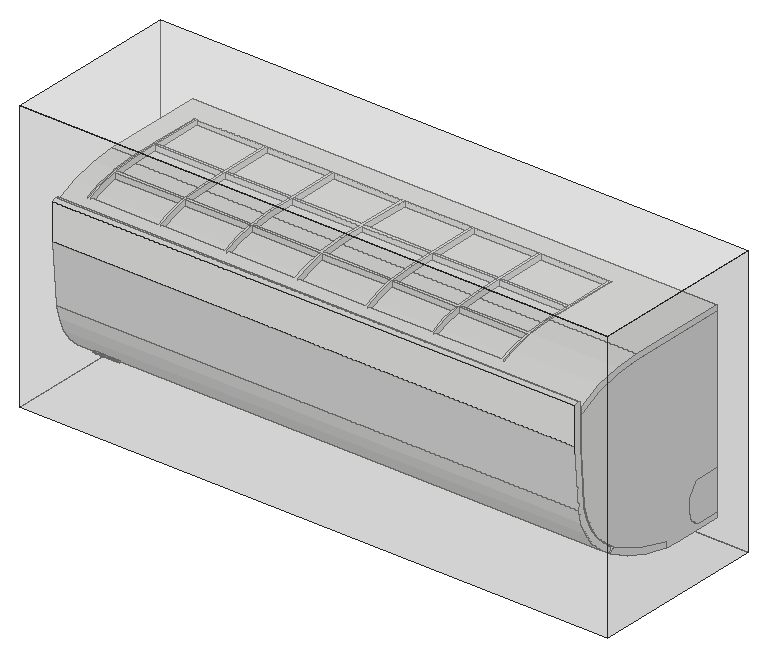
Revit family "outputfile", category 機械設備, Revit 2024
Family settings
  丸型コネクタ寸法 = 半径を使用
  パーツ タイプ = 標準
  OmniClass 番号 = 23.75.10.24.21.27.27
  OmniClass タイトル = Split System Air Conditioning Units
  作業面ベース = いいえ
  常に垂直 = はい
  ロード時にボイドで切り取り = いいえ
  注釈の向きを維持 = いいえ
  共有 = いいえ
  部屋計算ポイント = いいえ
Parameters (values of type "FXAQ20AVMS")
  Description = ""
  製造元 = "Daikin"
  書き出し IFC クラス(タイプ) = "IfcUnitaryEquipmentType"
  定義済み IFC タイプ(タイプ) = "AIRCONDITIONINGUNIT"
  Cost = 0
  モデル = "FXAQ20AVMS"
  Type Comments = ""
  Keynote = ""
  Type Image = (empty or 0)
  Assembly Code = ""
  w3_Indoor air flow = if(Width = 1050.0 mm, 109.0 mm, 1.0 mm)  # 1.0 mm
  w2_Indoor air flow = if(Width = 1050.0 mm, 103.0 mm, 98.0 mm)  # 98.0 mm
  w1_Indoor air flow = if(Width = 1050.0 mm, 108.0 mm, 103.0 mm)  # 103.0 mm
  r_Liquid Pipe Size = Liquid Pipe Size / 2  # 3.2 mm
  r_Gas Pipe Size = Gas Pipe Size / 2  # 6.35 mm
  r_Drain Pipe Size = Drain Pipe Size / 2  # 7.5 mm
  lw_powersupply [instance] = if(Width = 795.0 mm, if(or(Rear Right Connection_refrigerant, Bottom Right Connection_refrigerant), 83.0 mm, if(or(Rear Left Connection_refrigerant, Bottom Left Connection_refrigerant), 740.0 mm, 400.0 mm)), if(Width = 1050.0 mm, if(or(Rear Right Connection_refrigerant, Bottom Right Connection_refrigerant), 83.0 mm, if(or(Rear Left Connection_refrigerant, Bottom Left Connection_refrigerant), 712.0 mm + (1050.0 mm - 795.0 mm), 400.0 mm)), if(or(Rear Right Connection_refrigerant, Bottom Right Connection_refrigerant), 83.0 mm, if(or(Rear Left Connection_refrigerant, Bottom Left Connection_refrigerant), 712.0 mm, 400.0 mm))))  # 400.0 mm
  lw_liquidpipe [instance] = if(Width = 795.0 mm, if(or(Rear Right Connection_refrigerant, Bottom Right Connection_refrigerant), 0.0 mm, if(or(Rear Left Connection_refrigerant, Bottom Left Connection_refrigerant), 627.0 mm, 460.0 mm)), if(Width = 1050.0 mm, if(or(Rear Right Connection_refrigerant, Bottom Right Connection_refrigerant), 0.0 mm, if(or(Rear Left Connection_refrigerant, Bottom Left Connection_refrigerant), 627.0 mm + (1050.0 mm - 795.0 mm), 460.0 mm)), if(or(Rear Right Connection_refrigerant, Bottom Right Connection_refrigerant), 0.0 mm, if(or(Rear Left Connection_refrigerant, Bottom Left Connection_refrigerant), 627.0 mm, 460.0 mm))))  # 460.0 mm
  lw_gaspipe [instance] = if(Width = 795.0 mm, if(or(Rear Right Connection_refrigerant, Bottom Right Connection_refrigerant), 0.0 mm, if(or(Rear Left Connection_refrigerant, Bottom Left Connection_refrigerant), 620.0 mm, 415.0 mm)), if(Width = 1050.0 mm, if(or(Rear Right Connection_refrigerant, Bottom Right Connection_refrigerant), 0.0 mm, if(or(Rear Left Connection_refrigerant, Bottom Left Connection_refrigerant), 620.0 mm + (1050.0 mm - 795.0 mm), 415.0 mm)), if(or(Rear Right Connection_refrigerant, Bottom Right Connection_refrigerant), 0.0 mm, if(or(Rear Left Connection_refrigerant, Bottom Left Connection_refrigerant), 620.0 mm, 415.0 mm))))  # 415.0 mm
  lw_drainpipe [instance] = if(Width = 795.0 mm, if(or(Rear Right Connection_refrigerant, Bottom Right Connection_refrigerant), 0.0 mm, if(or(Rear Left Connection_refrigerant, Bottom Left Connection_refrigerant), 655.0 mm, 475.0 mm)), if(Width = 1050.0 mm, if(or(Rear Right Connection_refrigerant, Bottom Right Connection_refrigerant), 0.0 mm, if(or(Rear Left Connection_refrigerant, Bottom Left Connection_refrigerant), 655.0 mm + (1050.0 mm - 795.0 mm), 475.0 mm)), if(or(Rear Right Connection_refrigerant, Bottom Right Connection_refrigerant), 0.0 mm, if(or(Rear Left Connection_refrigerant, Bottom Left Connection_refrigerant), 655.0 mm, 475.0 mm))))  # 475.0 mm
  l_powersupply_length [instance] = if(Width = 795.0 mm, if(Right Connection_refrigerant, 400.0 mm, if(Left Connection_refrigerant, 395.0 mm, if(or(Rear Left Connection_refrigerant, Rear Right Connection_refrigerant), 15.0 mm, 50.0 mm))), if(Width = 1050.0 mm, if(Right Connection_refrigerant, 400.0 mm, if(Left Connection_refrigerant, 395.0 mm + (1050.0 mm - 795.0 mm), if(or(Rear Left Connection_refrigerant, Rear Right Connection_refrigerant), 15.0 mm, 50.0 mm))), if(Right Connection_refrigerant, 400.0 mm, if(Left Connection_refrigerant, 395.0 mm, if(or(Rear Left Connection_refrigerant, Rear Right Connection_refrigerant), 15.0 mm, 50.0 mm)))))  # 400.0 mm
  l_liquidpipe_length [instance] = if(Width = 795.0 mm, if(Right Connection_refrigerant, 558.0 mm, if(Left Connection_refrigerant, 237.0 mm, if(or(Rear Left Connection_refrigerant, Rear Right Connection_refrigerant), 30.0 mm, 40.0 mm))), if(Width = 1050.0 mm, if(Right Connection_refrigerant, 558.0 mm, if(Left Connection_refrigerant, 237.0 mm + (1050.0 mm - 795.0 mm), if(or(Rear Left Connection_refrigerant, Rear Right Connection_refrigerant), 30.0 mm, 40.0 mm))), if(Right Connection_refrigerant, 558.0 mm, if(Left Connection_refrigerant, 237.0 mm, if(or(Rear Left Connection_refrigerant, Rear Right Connection_refrigerant), 30.0 mm, 40.0 mm)))))  # 558.0 mm
  l_gaspipe_length [instance] = if(Width = 795.0 mm, if(Right Connection_refrigerant, 513.0 mm, if(Left Connection_refrigerant, 282.0 mm, if(or(Rear Left Connection_refrigerant, Rear Right Connection_refrigerant), 40.0 mm, 50.0 mm))), if(Width = 1050.0 mm, if(Right Connection_refrigerant, 513.0 mm, if(Left Connection_refrigerant, 282.0 mm + (1050.0 mm - 795.0 mm), if(or(Rear Left Connection_refrigerant, Rear Right Connection_refrigerant), 40.0 mm, 50.0 mm))), if(Right Connection_refrigerant, 513.0 mm, if(Left Connection_refrigerant, 282.0 mm, if(or(Rear Left Connection_refrigerant, Rear Right Connection_refrigerant), 40.0 mm, 50.0 mm)))))  # 513.0 mm
  l_drainpipe_length [instance] = if(Width = 795.0 mm, if(Right Connection_refrigerant, 573.0 mm, if(Left Connection_refrigerant, 222.0 mm, if(or(Rear Left Connection_refrigerant, Rear Right Connection_refrigerant), 15.0 mm, 20.0 mm))), if(Width = 1050.0 mm, if(Right Connection_refrigerant, 573.0 mm, if(Left Connection_refrigerant, 222.0 mm + (1050.0 mm - 795.0 mm), if(or(Rear Left Connection_refrigerant, Rear Right Connection_refrigerant), 15.0 mm, 20.0 mm))), if(Right Connection_refrigerant, 573.0 mm, if(Left Connection_refrigerant, 477.0 mm, if(or(Rear Left Connection_refrigerant, Rear Right Connection_refrigerant), 15.0 mm, 20.0 mm)))))  # 573.0 mm
  h*** = 0.0 mm  # constant formula
  d1_Indoor air flow = if(Width = 1050.0 mm, 38.0 mm, 35.0 mm)  # 35.0 mm
  angle_vertical [instance] = if(or(Bottom Left Connection_refrigerant, Bottom Right Connection_refrigerant), 0.00°, 90.00°)  # 90.00°
  angle_horizontal [instance] = if(Right Connection_refrigerant, 90.00°, if(Left Connection_refrigerant, -90.00°, if(or(Rear Left Connection_refrigerant, Rear Right Connection_refrigerant), 180.00°, 0.00°)))  # 90.00°
  Width = 795.0 mm
  Voltage_comment_50Hz = "220-240"
  Voltage_50Hz = 230 V
  Version = "ver.1.0"
  Unit Type = "Wall Mounted Type"
  Unit Mass Weight = 12.00 kg
  Unit Designation [instance] = ""
  Uniclass2015Version = "Products v1.30"
  Uniclass2015Title = "Variable refrigerant flow units"
  Uniclass2015Code = "Pr_70_65_03_94"
  URL = ""
  Total Heating Capacity [instance] = 0.000 kW
  Total Cooling Capacity [instance] = 0.000 kW
  Sound Pressure Level_M speed (dBA) = 0
  Sound Pressure Level_L speed (dBA) = 28.5
  Sound Pressure Level_H speed (dBA) = 33
  Sound Power Level_H speed (dB) = 0
  Series = "VRV Fan Coil Unit"
  Sensible Cooling Capacity [instance] = 0.000 kW
  Refrigerant Type = "R410A"
  Power Input (Heating) = 0.040 kW
  Power Input (Cooling) = 0.040 kW
  Phase_50Hz = 1
  Option Accessory 3 [instance] = ""
  Option Accessory 2 [instance] = ""
  Option Accessory 1 [instance] = ""
  Nominal Heating Capacity = 2.500 kW
  Nominal Cooling Capacity = 2.200 kW
  Minimum Circuit Amps_50Hz = 0.6 A
  Minimum Airflow = 420.00 m³/h
  Median Airflow = 0.00 m³/h
  Maximum Fuse Amps_50Hz = 15.0 A
  Maximum Airflow = 546.00 m³/h
  Material_Casing = DAIKIN_White_Casing_indoorunit
  Load Classification = HVAC
  Liquid Pipe Size = 6.4 mm
  Link_Nested Family [instance] = ""
  IfcVersion = "0"
  IfcExportType = "AIRCONDITIONINGUNIT"
  IfcExportAs = "IfcUnitaryEquipmentType"
  Height = 290.0 mm
  Heating Entering Wet Bulb Temperature [instance] = 0.00 °C
  Heating Entering Dry Bulb Temperature [instance] = 0.00 °C
  Heating Ambient Wet Bulb Temperature [instance] = 0.00 °C
  Heating Ambient Dry Bulb Temperature [instance] = 0.00 °C
  Heat Exchanger Type = "Cross Fin Coil"
  Gas Pipe Size = 12.7 mm
  Frequency_50Hz = 50 Hz
  Fan Type = "Cross Flow Fan"
  Fan Drive = "Direct Drive"
  FCU Tag No. [instance] = ""
  Drain Pipe Size = 15.0 mm
  Design Supply Airflow [instance] = 0.00 m³/h
  Depth = 266.0 mm
  既定の高さ = 0.0 mm
  Cooling Entering Wet Bulb Temperature [instance] = 0.00 °C
  Cooling Entering Dry Bulb Temperature [instance] = 0.00 °C
  Cooling Ambient Wet Bulb Temperature [instance] = 0.00 °C
  Cooling Ambient Dry Bulb Temperature [instance] = 0.00 °C
  Clearance visibility [instance] = yes
  Clearance Top = 90.0 mm
  Clearance Right = 50.0 mm
  Clearance Rear = 0.0 mm
  Clearance Left = 50.0 mm
  Clearance Front = 0.0 mm
  Clearance Bottom = 30.0 mm
  Bottom Right Connection_refrigerant [instance] = no
  Bottom Left Connection_refrigerant [instance] = no
  Rear Right Connection_refrigerant [instance] = no
  Rear Left Connection_refrigerant [instance] = no
  Right Connection_refrigerant [instance] = yes
  Left Connection_refrigerant [instance] = no
Reference planes
  plane 1 "Back": y = 0
  plane 2: z = 0
  plane 3 "Center (Left/Right)": x = 0
  plane 4 "Center (Front/Back)": y = -133
  plane 5 "Front": y = -266
  plane 6 "Left": x = -397.5
  plane 7 "Right": x = 397.5
  plane 8 "Top": z = 0
  plane 9 "Bottom": z = -290
  plane 10 "Front panel_Left": x = -395.5
  plane 11 "Front panel_Right": x = 395.5
  plane 12: x = 261.5
  plane 13: x = 256.5
  plane 14: x = -445.5
  plane 15: x = 445.5
  plane 16: y = 0
  plane 17: y = -266
  plane 18: z = 90
  plane 19: z = -320
  plane 20: y = -35
  plane 21: y = -111.5
  plane 22: y = -187.5
  plane 23: y = -237
  plane 24: y = -115
  plane 25: y = -191
  plane 26: x = -50
  plane 27: x = -52
  plane 28: x = -48
  plane 29: x = 55
  plane 30: x = -155
  plane 31: x = -158
  plane 32: x = 58
  plane 33: x = -256
  plane 34: x = 156
  plane 35: x = -259
  plane 36: x = 159
  plane 37: x = -362
  plane 38: x = 262
  plane 39: x = -365
  plane 40: x = 265
  plane 41: x = 266
  plane 42: x = -366
  plane 43 "lw_Piping and Wiring intake": x = 299.5
  plane 44 "lw_gaspipe": x = -115.5
  plane 45 "lw_liquidpipe": x = -160.5
  plane 46 "lw_drainpipe": x = -175.5
  plane 47 "lh_drainpipe": z = -270
  plane 48 "lh_liquidpipe": z = -250
  plane 49 "lh_gaspipe": z = -240
  plane 50 "ld_drainpipe": y = -15
  plane 51 "ld_liquidpipe": y = -30
  plane 52 "ld_gaspipe": y = -40
  plane 53 "lw_powersupply": x = -2.5
Forms (mm)
  Extrusion 1, solid, material "DAIKIN_White_Casing_indoorunit" <- "Material_Casing"
    sketch origin (0, 0, 0) x (0, 1, 0) y (0, 0, 1)
      loop
        line (0, 0) -> (-151.682, 0)
        arc (-151.682, 0) -> (-205.302, -6.828) -> (-255.5, -26.876) r 213.958
        line (-255.5, -26.876) -> (-255.5, -36.08)
        arc (-255.5, -36.08) -> (-205.456, -15.144) -> (-151.682, -8) r 205.958
        line (-151.682, -8) -> (0, -8) -> (0, 0)
    from -397.5 to 397.5
  Extrusion 2, solid, material "DAIKIN_White_Casing_indoorunit" <- "Material_Casing"
    sketch origin (0, 0, 0) x (0, 1, 0) y (0, 0, 1)
      loop
        arc (-151.682, -8) -> (-205.456, -15.144) -> (-255.5, -36.08) r 205.958
        line (-255.5, -36.08) -> (-255.5, -86.08)
        arc (-255.5, -86.08) -> (-253.87, -125.667) -> (-248.99, -164.986) r 481.435
        arc (-248.99, -164.986) -> (-230.945, -209.78) -> (-195.65, -242.741) r 111.486
        arc (-195.65, -242.741) -> (-147.09, -265.96) -> (-95.247, -280.433) r 310.126
        line (-95.247, -280.433) -> (-95.247, -288.232)
        arc (-95.247, -288.232) -> (-84.534, -289.557) -> (-73.748, -290) r 131.592
        line (-73.748, -290) -> (0, -290) -> (0, -8) -> (-151.682, -8)
    from -397.5 to 397.5
  Extrusion 3, solid, material "DAIKIN_White_Casing_indoorunit" <- "Material_Casing"
    sketch origin (397.5, 1296.25, 1200) x (0, 1, 0) y (0, 0, 1)
      loop
        line (-1491.901, -1442.741) -> (-1496.494, -1450.482)
        arc (-1496.494, -1450.482) -> (-1447.058, -1474.911) -> (-1393.497, -1488.023) r 252.452
        line (-1393.497, -1488.023) -> (-1393.497, -1480.051)
        arc (-1393.497, -1480.051) -> (-1444.293, -1465.6) -> (-1491.901, -1442.741) r 310.126
    from 0 to -40.5
  Extrusion 4, solid, material "DAIKIN_White_Casing_indoorunit" <- "Material_Casing"
    sketch origin (0, 0, 0) x (0, 1, 0) y (0, 0, 1)
      loop
        line (-257, -76.896) -> (-257, -19.457) -> (-258.688, -19.457)
        arc (-258.688, -19.457) -> (-262.551, -20.17) -> (-266, -22.048) r 12.48
        line (-266, -22.048) -> (-266, -76.896) -> (-257, -76.896)
    from -395.5 to 395.5
  Extrusion 5, solid, material "DAIKIN_White_Casing_indoorunit" <- "Material_Casing"
    sketch origin (0, 0, 0) x (0, 1, 0) y (0, 0, 1)
      loop
        arc (-266, -76.896) -> (-264.342, -121.828) -> (-259.378, -166.517) r 609.735
        line (-259.378, -166.517) -> (-250.471, -165.192)
        arc (-250.471, -165.192) -> (-255.366, -121.165) -> (-257, -76.896) r 600.314
        line (-257, -76.896) -> (-266, -76.896)
    from -395.5 to 395.5
  Extrusion 6, solid, material "DAIKIN_White_Casing_indoorunit" <- "Material_Casing"
    sketch origin (0, 0, 0) x (0, 1, 0) y (0, 0, 1)
      loop
        arc (-259.378, -166.517) -> (-240.331, -214.672) -> (-201.947, -249.433) r 114
        line (-201.947, -249.433) -> (-197.324, -241.643)
        arc (-197.324, -241.643) -> (-232.845, -209.638) -> (-250.471, -165.192) r 104.894
        line (-250.471, -165.192) -> (-259.378, -166.517)
    from -395.5 to 395.5
  Extrusion 7, solid, material "DAIKIN_White_Casing_indoorunit" <- "Material_Casing"
    sketch origin (-397.5, 1296.25, 1200) x (0, 1, 0) y (0, 0, 1)
      loop
        arc (-1496.494, -1450.482) -> (-1447.058, -1474.911) -> (-1393.497, -1488.023) r 252.452
        line (-1393.497, -1488.023) -> (-1393.497, -1480.051)
        arc (-1393.497, -1480.051) -> (-1444.293, -1465.6) -> (-1491.901, -1442.741) r 310.126
        line (-1491.901, -1442.741) -> (-1496.494, -1450.482)
    from 0 to 40.5
  Extrusion 8, solid, material "DAIKIN_White_Casing_indoorunit" <- "Material_Casing"
    sketch origin (0, 0, 0) x (0, 1, 0) y (0, 0, 1)
      loop
        arc (-133.049, -280.649) -> (-115.282, -284.985) -> (-97.247, -288.023) r 252.452
        line (-97.247, -288.023) -> (-97.247, -280.051)
        arc (-97.247, -280.051) -> (-113.907, -276.335) -> (-130.338, -271.708) r 310.126
        line (-130.338, -271.708) -> (-133.049, -280.649)
    from -357 to 357
  Extrusion 9, solid, material "DAIKIN_White_Casing_indoorunit" <- "Material_Casing"
    sketch origin (261.5, -1524, 1789.769) x (0, 0, 1) y (0, -1, 0)
      loop
        line (-2032.51, -1328.35) -> (-2040.251, -1323.756)
        arc (-2040.251, -1323.756) -> (-2050.358, -1341.058) -> (-2059.061, -1359.107) r 252.452
        line (-2059.061, -1359.107) -> (-2050.603, -1364.126)
        arc (-2050.603, -1364.126) -> (-2042.135, -1345.945) -> (-2032.51, -1328.35) r 310.126
    from 0 to 95.5
  Extrusion 10, solid, material "DAIKIN_White_Casing_indoorunit" <- "Material_Casing"
    sketch origin (261.5, -1524, 1789.769) x (0, 0, 1) y (0, -1, 0)
      loop
        arc (-2059.061, -1359.107) -> (-2065.273, -1374.839) -> (-2070.418, -1390.951) r 252.452
        line (-2070.418, -1390.951) -> (-2061.477, -1393.662)
        arc (-2061.477, -1393.662) -> (-2056.415, -1378.756) -> (-2050.603, -1364.126) r 310.126
        line (-2050.603, -1364.126) -> (-2059.061, -1359.107)
    from 0 to 95.5
  Extrusion 11, solid, material "DAIKIN_White_Casing_indoorunit" <- "Material_Casing"
    sketch origin (256.5, -1524, 1089.438) x (0, 0, 1) y (0, -1, 0)
      loop
        arc (-1350.272, -1364.126) -> (-1341.805, -1345.945) -> (-1332.179, -1328.35) r 310.126
        line (-1332.179, -1328.35) -> (-1339.92, -1323.756)
        arc (-1339.92, -1323.756) -> (-1350.027, -1341.058) -> (-1358.73, -1359.107) r 252.452
        line (-1358.73, -1359.107) -> (-1350.272, -1364.126)
    from 0 to -613.5
  Extrusion 12, solid, material "DAIKIN_White_Casing_indoorunit" <- "Material_Casing"
    sketch origin (256.5, -1524, 1089.438) x (0, 0, 1) y (0, -1, 0)
      loop
        arc (-1361.147, -1393.662) -> (-1356.085, -1378.756) -> (-1350.272, -1364.126) r 310.126
        line (-1350.272, -1364.126) -> (-1358.73, -1359.107)
        arc (-1358.73, -1359.107) -> (-1364.943, -1374.839) -> (-1370.087, -1390.951) r 252.452
        line (-1370.087, -1390.951) -> (-1361.147, -1393.662)
    from 0 to -613.5
  Extrusion 13, void
    sketch origin (0, 0, 0) x (-1, 0, 0) y (0, -1, 0)
      loop
        line (48, 35) -> (48, 111.5) -> (-55, 111.5) -> (-55, 35) -> (48, 35)
      loop
        line (-58, 35) -> (-58, 111.5) -> (-156, 111.5) -> (-156, 35) -> (-58, 35)
      loop
        line (-159, 35) -> (-159, 111.5) -> (-262, 111.5) -> (-262, 35) -> (-159, 35)
      loop
        line (-265, 35) -> (-265, 111.5) -> (-266, 111.5) -> (-266, 35) -> (-265, 35)
      loop
        line (155, 35) -> (155, 111.5) -> (52, 111.5) -> (52, 35) -> (155, 35)
      loop
        line (-265, 115) -> (-265, 187.5) -> (-266, 187.5) -> (-266, 115) -> (-265, 115)
      loop
        line (-265, 191) -> (-265, 237) -> (-266, 237) -> (-266, 191) -> (-265, 191)
      loop
        line (-159, 237) -> (-262, 237) -> (-262, 191) -> (-159, 191) -> (-159, 237)
      loop
        line (-58, 237) -> (-156, 237) -> (-156, 191) -> (-58, 191) -> (-58, 237)
      loop
        line (-55, 191) -> (48, 191) -> (48, 237) -> (-55, 237) -> (-55, 191)
      loop
        line (155, 237) -> (52, 237) -> (52, 191) -> (155, 191) -> (155, 237)
      loop
        line (256, 237) -> (158, 237) -> (158, 191) -> (256, 191) -> (256, 237)
      loop
        line (362, 237) -> (259, 237) -> (259, 191) -> (362, 191) -> (362, 237)
      loop
        line (158, 35) -> (256, 35) -> (256, 111.5) -> (158, 111.5) -> (158, 35)
      loop
        line (259, 35) -> (362, 35) -> (362, 111.5) -> (259, 111.5) -> (259, 35)
      loop
        line (362, 115) -> (362, 187.5) -> (259, 187.5) -> (259, 115) -> (362, 115)
      loop
        line (256, 115) -> (256, 187.5) -> (158, 187.5) -> (158, 115) -> (256, 115)
      loop
        line (155, 115) -> (155, 187.5) -> (52, 187.5) -> (52, 115) -> (155, 115)
      loop
        line (48, 115) -> (48, 187.5) -> (-55, 187.5) -> (-55, 115) -> (48, 115)
      loop
        line (-58, 115) -> (-58, 187.5) -> (-156, 187.5) -> (-156, 115) -> (-58, 115)
      loop
        line (-159, 115) -> (-159, 187.5) -> (-262, 187.5) -> (-262, 115) -> (-159, 115)
      loop
        line (365, 35) -> (366, 35) -> (366, 111.5) -> (365, 111.5) -> (365, 35)
      loop
        line (366, 115) -> (366, 187.5) -> (365, 187.5) -> (365, 115) -> (366, 115)
      loop
        line (366, 237) -> (365, 237) -> (365, 191) -> (366, 191) -> (366, 237)
    from 2 to -30
  Extrusion 14, solid, material "DAIKIN_White_Casing_indoorunit" <- "Material_Casing"
    sketch origin (0, 0, 0) x (1, 0, 0) y (0, 0, 1)
      loop
        circle (299.5, -246) r 40
      loop
        circle (-337.5, -246) r 40
    from 0 to 5
  Extrusion 15, solid, material "DAIKIN_White_Casing_indoorunit" <- "Material_Casing"
    sketch origin (397.5, 1296.25, 1200) x (0, -1, 0) y (0, 0, 1)
      loop
        line (1326.25, -1422) -> (1296.25, -1422) -> (1296.25, -1482) -> (1326.25, -1482)
        arc (1326.25, -1482) -> (1340.393, -1476.142) -> (1346.25, -1462) r 20
        line (1346.25, -1462) -> (1346.25, -1442)
        arc (1346.25, -1442) -> (1340.393, -1427.858) -> (1326.25, -1422) r 20
    from 0 to 5
  Extrusion 16, solid, material "DAIKIN_White_Casing_indoorunit" <- "Material_Casing"
    sketch origin (-397.5, 1296.25, 1200) x (0, 1, 0) y (0, 0, 1)
      loop
        line (-1296.25, -1422) -> (-1326.25, -1422)
        arc (-1326.25, -1422) -> (-1340.393, -1427.858) -> (-1346.25, -1442) r 20
        line (-1346.25, -1442) -> (-1346.25, -1462)
        arc (-1346.25, -1462) -> (-1340.393, -1476.142) -> (-1326.25, -1482) r 20
        line (-1326.25, -1482) -> (-1296.25, -1482) -> (-1296.25, -1422)
    from 0 to 5
  Extrusion 17, solid, material "DAIKIN_White_Casing_indoorunit" <- "Material_Casing"
    sketch origin (0, 0, -290) x (-1, 0, 0) y (0, -1, 0)
      loop
        line (-269.5, 0) -> (-269.5, 30)
        arc (-269.5, 30) -> (-275.358, 44.142) -> (-289.5, 50) r 20
        line (-289.5, 50) -> (-309.5, 50)
        arc (-309.5, 50) -> (-323.642, 44.142) -> (-329.5, 30) r 20
        line (-329.5, 30) -> (-329.5, 0) -> (-269.5, 0)
      loop
        line (367.5, 0) -> (367.5, 30)
        arc (367.5, 30) -> (361.642, 44.142) -> (347.5, 50) r 20
        line (347.5, 50) -> (327.5, 50)
        arc (327.5, 50) -> (313.358, 44.142) -> (307.5, 30) r 20
        line (307.5, 30) -> (307.5, 0) -> (367.5, 0)
    from 0 to 5
Cuts and joins
  joined: Extrusion 4, Extrusion 5, Extrusion 6
  joined: Extrusion 3, Extrusion 7, Extrusion 8
  Extrusion 13 cuts Extrusion 1
Lines and regions (mm)
  reference lines
    curve 1: line (-395.5, -227.394, -229.966) -> (-395.5, -220.117, -236.824)
Dimensions and locks
  equal spacing: plane 6 "Left", plane 3 "Center (Left/Right)", plane 7 "Right"
  "Width": plane 6 "Left" to plane 7 "Right"
  equal spacing: plane 5 "Front", plane 4 "Center (Front/Back)", plane 1 "Back"
  "Depth": plane 5 "Front" to plane 1 "Back"
  "Height": plane 8 "Top" to plane 9 "Bottom"
  locked: Extrusion 1 sketch curve to Extrusion 1 sketch curve at 8
  locked: Extrusion 2 sketch curve to plane 1 "Back" at 73.748
  locked: Extrusion 3 sketch curve to plane 1 "Back" at 97.247
  locked: Extrusion 4 sketch curve to Extrusion 4 sketch curve at 9
  locked: plane 8 "Top" to Extrusion 4 sketch curve at 19.457
  locked: plane 5 "Front" to Extrusion 6 sketch curve at 6.622
  locked: plane 5 "Front" to Extrusion 6 sketch curve at 15.529
  locked: plane 10 "Front panel_Left" to plane 6 "Left" at 2
  locked: plane 7 "Right" to plane 11 "Front panel_Right" at 2
  locked: cut or joined group of Extrusion 3, Extrusion 7, Extrusion 8 to Extrusion 9 sketch curve at 40
  locked: plane 7 "Right" to plane 12 at 136
  locked: plane 12 to plane 13 at 5
  "Clearance Left": plane 14 to plane 10 "Front panel_Left"
  "Clearance Right": plane 11 "Front panel_Right" to plane 15
  "Clearance Rear": plane 16 to plane 1 "Back"
  "Clearance Front": plane 17 to plane 5 "Front"
  "Clearance Top": plane 18 to plane 8 "Top"
  "Clearance Bottom": plane 9 "Bottom" to plane 19
  locked: nested 2 to plane 10 "Front panel_Left" at 50
  "d1_Indoor air flow": plane 20 to plane 1 "Back"
  locked: plane 20 to plane 21 at 76.5
  locked: plane 21 to plane 24 at 3.5
  locked: plane 24 to plane 22 at 72.5
  locked: plane 22 to plane 25 at 3.5
  locked: plane 25 to plane 23 at 46
  locked: plane 26 to plane 3 "Center (Left/Right)" at 50
  equal spacing: plane 27, plane 26, plane 28
  locked: plane 27 to plane 28 at 4
  "w1_Indoor air flow": plane 28 to plane 29
  "w1_Indoor air flow": plane 30 to plane 27
  locked: plane 31 to plane 30 at 3
  locked: plane 29 to plane 32 at 3
  "w2_Indoor air flow": plane 33 to plane 31
  "w2_Indoor air flow": plane 32 to plane 34
  locked: plane 35 to plane 33 at 3
  locked: plane 34 to plane 36 at 3
  locked: plane 37 to plane 35 at 103
  locked: plane 36 to plane 38 at 103
  locked: plane 39 to plane 37 at 3
  locked: plane 38 to plane 40 at 3
  "w3_Indoor air flow": plane 40 to plane 41
  "w3_Indoor air flow": plane 42 to plane 39
  locked: plane 9 "Bottom" to Extrusion 14 sketch curve at 44  (x2)
  locked: Extrusion 14 sketch curve to plane 6 "Left" at 60
  locked: plane 7 "Right" to Extrusion 14 sketch curve at 98
  locked: plane 43 "lw_Piping and Wiring intake" to plane 7 "Right" at 98
  "lw_gaspipe": plane 44 "lw_gaspipe" to plane 43 "lw_Piping and Wiring intake"
  "lw_liquidpipe": plane 45 "lw_liquidpipe" to plane 43 "lw_Piping and Wiring intake"
  "lw_drainpipe": plane 46 "lw_drainpipe" to plane 43 "lw_Piping and Wiring intake"
  locked: plane 47 "lh_drainpipe" to plane 9 "Bottom" at 20
  locked: plane 48 "lh_liquidpipe" to plane 9 "Bottom" at 40
  locked: plane 49 "lh_gaspipe" to plane 9 "Bottom" at 50
  locked: plane 50 "ld_drainpipe" to plane 1 "Back" at 15
  locked: plane 1 "Back" to plane 51 "ld_liquidpipe" at 30
  locked: plane 1 "Back" to plane 52 "ld_gaspipe" at 40
  Extrusion 15 sketch curve to Extrusion 15 sketch curve to plane 9 "Bottom" = 60.0 mm locked, 8.0 mm locked
  locked: Extrusion 15 sketch curve to Extrusion 15 sketch curve at 50
  locked: Extrusion 17 sketch curve to Extrusion 17 sketch curve at 60  (x2)
  locked: Extrusion 17 sketch curve to Extrusion 17 sketch curve at 50
  locked: Extrusion 17 sketch curve to plane 43 "lw_Piping and Wiring intake" at 30
  locked: plane 6 "Left" to Extrusion 17 sketch curve at 30
  "lw_powersupply": plane 53 "lw_powersupply" to plane 7 "Right"
  radius of Extrusion 5 sketch curve = 609.735 mm
  radius of Extrusion 5 sketch curve = 600.314 mm
  aligned and locked: level to plane 2
  aligned and locked: plane 8 "Top" to Extrusion 1 sketch curve
  aligned and locked: plane 1 "Back" to Extrusion 1 sketch curve
  aligned and locked: Extrusion 1 to plane 6 "Left"
  aligned and locked: plane 7 "Right" to Extrusion 1
  aligned and locked: Extrusion 2 sketch curve to Extrusion 1
  aligned and locked: Extrusion 1 to Extrusion 2 sketch curve
  aligned and locked: plane 1 "Back" to Extrusion 2 sketch curve
  aligned and locked: Extrusion 2 sketch curve to plane 9 "Bottom"
  aligned and locked: Extrusion 2 to plane 6 "Left"
  aligned and locked: plane 7 "Right" to Extrusion 2
  aligned and locked: Extrusion 3 sketch curve to Extrusion 2
  aligned and locked: plane 5 "Front" to Extrusion 4 sketch curve
  aligned and locked: Extrusion 5 sketch curve to Extrusion 4
  aligned and locked: Extrusion 6 sketch curve to Extrusion 5
  aligned and locked: cut or joined group of Extrusion 4, Extrusion 5, Extrusion 6 to plane 11 "Front panel_Right"  (x3)
  aligned and locked: plane 10 "Front panel_Left" to cut or joined group of Extrusion 4, Extrusion 5, Extrusion 6  (x3)
  aligned and locked: Extrusion 7 sketch curve to Extrusion 3  (x4)
  aligned and locked: Extrusion 8 sketch curve to Extrusion 3  (x3)
  aligned and locked: Extrusion 8 to Extrusion 3
  aligned and locked: Extrusion 8 to Extrusion 7
  aligned and locked: Extrusion 9 sketch curve to cut or joined group of Extrusion 3, Extrusion 7, Extrusion 8  (x3)
  aligned and locked: Extrusion 10 sketch curve to cut or joined group of Extrusion 3, Extrusion 7, Extrusion 8  (x3)
  aligned and locked: Extrusion 10 sketch curve to Extrusion 9
  aligned and locked: Extrusion 9 to cut or joined group of Extrusion 3, Extrusion 7, Extrusion 8
  aligned and locked: Extrusion 10 to cut or joined group of Extrusion 3, Extrusion 7, Extrusion 8
  aligned and locked: Extrusion 11 sketch curve to Extrusion 9  (x4)
  aligned and locked: Extrusion 11 to cut or joined group of Extrusion 3, Extrusion 7, Extrusion 8
  aligned and locked: Extrusion 12 sketch curve to Extrusion 10  (x4)
  aligned and locked: Extrusion 12 to cut or joined group of Extrusion 3, Extrusion 7, Extrusion 8
  aligned and locked: plane 16 to nested 1
  aligned and locked: nested 1 to plane 17
  aligned and locked: plane 14 to nested 1
  aligned and locked: plane 15 to nested 1
  aligned and locked: plane 19 to nested 1
  aligned and locked: plane 18 to nested 1
  aligned and locked: nested 2 to curve 1
  aligned and locked: Extrusion 13 sketch curve to plane 20  (x5)
  aligned and locked: plane 28 to Extrusion 13 sketch curve  (x2)
  aligned and locked: plane 21 to Extrusion 13 sketch curve  (x5)
  aligned and locked: Extrusion 13 sketch curve to plane 29  (x2)
  aligned and locked: plane 32 to Extrusion 13 sketch curve  (x2)
  aligned and locked: Extrusion 13 sketch curve to plane 34  (x2)
  aligned and locked: plane 36 to Extrusion 13 sketch curve  (x2)
  aligned and locked: Extrusion 13 sketch curve to plane 38  (x2)
  aligned and locked: plane 40 to Extrusion 13 sketch curve  (x3)
  aligned and locked: Extrusion 13 sketch curve to plane 41  (x3)
  aligned and locked: plane 30 to Extrusion 13 sketch curve  (x2)
  aligned and locked: Extrusion 13 sketch curve to plane 27  (x2)
  aligned and locked: Extrusion 13 sketch curve to plane 24  (x8)
  aligned and locked: plane 22 to Extrusion 13 sketch curve  (x8)
  aligned and locked: Extrusion 13 sketch curve to plane 25
  aligned and locked: plane 23 to Extrusion 13 sketch curve
  aligned and locked: Extrusion 13 sketch curve to plane 23  (x7)
  aligned and locked: Extrusion 13 sketch curve to plane 36
  aligned and locked: plane 25 to Extrusion 13 sketch curve  (x7)
  aligned and locked: plane 38 to Extrusion 13 sketch curve
  aligned and locked: Extrusion 13 sketch curve to plane 32
  aligned and locked: plane 34 to Extrusion 13 sketch curve
  aligned and locked: plane 29 to Extrusion 13 sketch curve
  aligned and locked: Extrusion 13 sketch curve to plane 28
  aligned and locked: Extrusion 13 sketch curve to plane 30
  aligned and locked: plane 27 to Extrusion 13 sketch curve
  aligned and locked: Extrusion 13 sketch curve to plane 33  (x2)
  aligned and locked: plane 31 to Extrusion 13 sketch curve  (x2)
  aligned and locked: Extrusion 13 sketch curve to plane 37  (x2)
  aligned and locked: plane 35 to Extrusion 13 sketch curve  (x2)
  aligned and locked: plane 20 to Extrusion 13 sketch curve  (x3)
  aligned and locked: Extrusion 13 sketch curve to plane 21  (x3)
  aligned and locked: plane 37 to Extrusion 13 sketch curve
  aligned and locked: Extrusion 13 sketch curve to plane 35
  aligned and locked: plane 33 to Extrusion 13 sketch curve
  aligned and locked: Extrusion 13 sketch curve to plane 31
  aligned and locked: plane 39 to Extrusion 13 sketch curve  (x2)
  aligned and locked: Extrusion 13 sketch curve to plane 42  (x2)
  aligned and locked: plane 42 to Extrusion 13 sketch curve
  aligned and locked: Extrusion 13 sketch curve to plane 39
  aligned and locked: plane 1 "Back" to Extrusion 15 sketch curve
  aligned and locked: Extrusion 16 sketch curve to Extrusion 15  (x4)
  aligned and locked: Extrusion 17 sketch curve to Extrusion 17 sketch curve  (x2)
  aligned and locked: plane 1 "Back" to Extrusion 17 sketch curve
  aligned and locked: plane 44 "lw_gaspipe" to nested 3
  aligned and locked: nested 3 to plane 52 "ld_gaspipe"
  aligned and locked: plane 45 "lw_liquidpipe" to nested 4
  aligned and locked: nested 4 to plane 51 "ld_liquidpipe"
  aligned and locked: plane 46 "lw_drainpipe" to nested 5
  aligned and locked: nested 5 to plane 50 "ld_drainpipe"
  aligned and locked: nested 6 to plane 50 "ld_drainpipe"
  aligned and locked: plane 53 "lw_powersupply" to nested 6
  aligned and locked: level to plane 8 "Top"
Automatic sketch dimensions
  Extrusion 1 sketch curve to plane 8 "Top" = 0.0 mm
  Extrusion 1 sketch curve to plane 4 "Center (Front/Back)" = 18.682 mm
  Extrusion 1 sketch curve to Extrusion 1 sketch curve = 9.205 mm
  Extrusion 1 sketch curve to Extrusion 1 sketch curve = 0.0 mm  (x3)
  Extrusion 1 sketch curve to plane 5 "Front" = 10.5 mm
  Extrusion 2 sketch curve to plane 4 "Center (Front/Back)" = 6.011 mm
  plane 9 "Bottom" to Extrusion 2 sketch curve = 9.567 mm
  Extrusion 2 sketch curve to Extrusion 2 sketch curve = 21.499 mm
  plane 1 "Back" to Extrusion 2 sketch curve = 38.095 mm
  Extrusion 2 sketch curve to plane 8 "Top" = 86.08 mm
  Extrusion 2 sketch curve to Extrusion 2 sketch curve = 7.799 mm
  Extrusion 2 sketch curve to Extrusion 2 sketch curve = 11.695 mm
  plane 8 "Top" to Extrusion 2 sketch curve = 24.382 mm
  Extrusion 2 sketch curve to Extrusion 2 sketch curve = 0.0 mm  (x2)
  Extrusion 4 sketch curve to Extrusion 4 sketch curve = 1.688 mm
  Extrusion 4 sketch curve to plane 5 "Front" = 7.618 mm
  Extrusion 4 sketch curve to Extrusion 4 sketch curve = 12.476 mm
  Extrusion 4 sketch curve to Extrusion 4 sketch curve = 44.963 mm
  Extrusion 5 sketch curve to Extrusion 5 sketch curve = 0.421 mm
  Extrusion 5 sketch curve to plane 5 "Front" = 6.622 mm
  Extrusion 5 sketch curve to Extrusion 5 sketch curve = 8.907 mm
  Extrusion 5 sketch curve to plane 5 "Front" = 0.0 mm
  plane 9 "Bottom" to Extrusion 6 sketch curve = 40.567 mm
  Extrusion 6 sketch curve to Extrusion 6 sketch curve = 4.622 mm
  Extrusion 6 sketch curve to Extrusion 6 sketch curve = 0.102 mm
  Extrusion 6 sketch curve to Extrusion 6 sketch curve = 0.003 mm
  Extrusion 6 sketch curve to Extrusion 6 sketch curve = 48.524 mm
  Extrusion 6 sketch curve to Extrusion 6 sketch curve = 50.607 mm
  plane 9 "Bottom" to Extrusion 3 sketch curve = 47.259 mm
  Extrusion 3 sketch curve to Extrusion 3 sketch curve = 4.593 mm
  plane 1 "Back" to Extrusion 3 sketch curve = 64.356 mm
  plane 9 "Bottom" to Extrusion 3 sketch curve = 1.977 mm
  Extrusion 3 sketch curve to Extrusion 3 sketch curve = 7.741 mm
  plane 4 "Center (Front/Back)" to Extrusion 8 sketch curve = 2.662 mm
  Extrusion 8 sketch curve to plane 4 "Center (Front/Back)" = 0.049 mm
  plane 9 "Bottom" to curve 1 = 53.176 mm
  curve 1 to plane 5 "Front" = 45.883 mm
  curve 1 to curve 1 = 6.859 mm
  curve 1 to curve 1 = 7.277 mm
  Extrusion 15 sketch curve to plane 51 "ld_liquidpipe" = 0.0 mm  (x2)
  Extrusion 17 sketch curve to plane 51 "ld_liquidpipe" = 0.0 mm  (x4)
  radius of Extrusion 14 sketch curve = 40.0 mm  (x2)
Nested families
  nested 1: "daikin_clearancespace" at (0, -133, -114.881), show <- "Clearance visibility", visible <- "Clearance visibility", Link_Nested Family <- "Link_Nested Family", type "daikin_clearancespace"
    with width 891.0 mm, show yes, height 410.0 mm, depth 266.0 mm, Link_Nested Family ""
  nested 2: "daikin_logo_plane_w40" at (-345.5, -227.722, -229.657) x (1, 0, 0) z (0, -0.6859, -0.7277), type "daikin_logo_plane_w40"
    with show_logo yes
  nested 3: "daikin_connector_rotate3" at (-115.5, -40, -240), angle_vertical <- "angle_vertical", angle_horizontal <- "angle_horizontal", length <- "l_gaspipe_length", radius <- "r_Gas Pipe Size", type "daikin_connector_rotate3"
    with show no, radius 6.35 mm, length 513.0 mm, angle_vertical 90.00°, angle_horizontal 90.00°
  nested 4: "daikin_connector_rotate3" at (-160.5, -30, -250), angle_vertical <- "angle_vertical", angle_horizontal <- "angle_horizontal", radius <- "r_Liquid Pipe Size", length <- "l_liquidpipe_length", type "daikin_connector_rotate3"
    with show no, radius 3.2 mm, length 558.0 mm, angle_vertical 90.00°, angle_horizontal 90.00°
  nested 5: "daikin_connector_rotate3" at (-175.5, -15, -270), angle_vertical <- "angle_vertical", angle_horizontal <- "angle_horizontal", length <- "l_drainpipe_length", radius <- "r_Drain Pipe Size", type "daikin_connector_rotate3"
    with show no, radius 7.5 mm, length 573.0 mm, angle_vertical 90.00°, angle_horizontal 90.00°
  nested 6: "daikin_connector_rotate3" at (-2.5, -15, -240), angle_vertical <- "angle_vertical", angle_horizontal <- "angle_horizontal", length <- "l_powersupply_length", type "daikin_connector_rotate3"
    with show no, radius 10.0 mm, length 400.0 mm, angle_vertical 90.00°, angle_horizontal 90.00°
Connectors
  piping at (397.5, -40, -240), diameter 12.7, driven by "r_Gas Pipe Size"
    settings: on nested 3, index 1, connector inside diameter 609.6 mm, connector length 0.0 mm, flow factor 0, pipe flow 0.00 m³/h, pressure drop 0.0 Pa, fitting loss kfactor 0, connector angle 0.00°, fixture units 0, engagement length 0.0 mm, angle of deflection 0.00°, flow configuration 1, flow direction 2, fitting loss method 0, system type 29, joint type 0, gender type 0, connector reference index -1, connector utility 0, adjustable connector no, is connector primary yes, connector description "Refrigerant Gas Piping"
  piping at (397.5, -30, -250), diameter 6.4, driven by "r_Liquid Pipe Size"
    settings: on nested 4, index 2, connector inside diameter 609.6 mm, connector length 0.0 mm, flow factor 0, pipe flow 0.00 m³/h, pressure drop 0.0 Pa, fitting loss kfactor 0, connector angle 0.00°, fixture units 0, engagement length 0.0 mm, angle of deflection 0.00°, flow configuration 1, flow direction 1, fitting loss method 0, system type 29, joint type 0, gender type 0, connector reference index -1, connector utility 0, adjustable connector no, is connector primary no, connector description "Refrigerant Liquid Piping"
  piping at (397.5, -15, -270), diameter 15, driven by "r_Drain Pipe Size"
    settings: on nested 5, index 3, connector inside diameter 609.6 mm, connector length 0.0 mm, flow factor 0, pipe flow 0.00 m³/h, pressure drop 0.0 Pa, fitting loss kfactor 0, connector angle 0.00°, fixture units 0, engagement length 0.0 mm, angle of deflection 0.00°, flow configuration 1, flow direction 2, fitting loss method 4, system type 16, joint type 0, gender type 0, connector reference index -1, connector utility 0, adjustable connector no, is connector primary no, connector description "Condensate Drain Piping"
  electrical at (397.5, -15, -240), driven by "Load Classification"
    settings: on nested 6, index 4, voltage 0 V, apparent load 0 VA, apparent load phase1 0 VA, apparent load phase2 0 VA, apparent load phase3 0 VA, power factor 1, load classification "HVAC", number of poles 1, system type 30, power factor state 1, is connector primary yes, connector utility no, sub classification motor no, connector description "Power Supply"
Definition of nested family "daikin_clearancespace"
  Parameters (values of type "daikin_clearancespace")
    Description = "daikin_clearancespace"
    width [instance] = 1823.963 mm
    show [instance] = yes
    material = none
    height [instance] = 1359.762 mm
    depth [instance] = 880.0 mm
    Default Elevation = 0.0 mm
    Link_Nested Family [instance] = ""
  Reference planes
    plane 1 "Center (Front/Back)": y = 0
    plane 2 "Center (Elevation)": z = -0.119
    plane 3 "Center (Left/Right)": x = 0
    plane 4: y = 440
    plane 5: y = -440
    plane 6 "Right": x = 911.982
    plane 7 "Left": x = -911.982
    plane 8 "Top": z = 679.762
    plane 9 "Bottom": z = -680
  Forms (mm)
    Extrusion 1, solid, material <- "material", visible <- "show"
      sketch origin (0, 0, 0) x (1, 0, 0) y (0, 1, 0)
        loop
          line (-911.982, 440) -> (-911.982, -440) -> (911.982, -440) -> (911.982, 440) -> (-911.982, 440)
      from -680 to 679.762
  Lines and regions (mm)
    symbolic lines, visible <- "show"
      curve 1: line (911.982, 440, 0) -> (-911.982, 440, 0)
      curve 2: line (-911.982, 440, 0) -> (-911.982, -440, 0)
      curve 3: line (-911.982, -440, 0) -> (911.982, -440, 0)
      curve 4: line (911.982, -440, 0) -> (911.982, 440, 0)
      curve 5: line (911.982, 0, 679.762) -> (-911.982, 0, 679.762)
      curve 6: line (911.982, 0, -680) -> (911.982, 0, 679.762)
      curve 7: line (-911.982, 0, -680) -> (911.982, 0, -680)
      curve 8: line (-911.982, 0, 679.762) -> (-911.982, 0, -680)
      curve 9: line (0, 440, 679.762) -> (0, -440, 679.762)
      curve 10: line (0, -440, 679.762) -> (0, -440, -680)
      curve 11: line (0, 440, -680) -> (0, 440, 679.762)
      curve 12: line (0, -440, -680) -> (0, 440, -680)
  Dimensions and locks
    "width": plane 7 "Left" to plane 6 "Right"
    "depth": plane 4 to plane 5
    "height": plane 8 "Top" to plane 9 "Bottom"
    equal spacing: plane 7 "Left", plane 3 "Center (Left/Right)", plane 6 "Right"
    equal spacing: plane 4, plane 1 "Center (Front/Back)", plane 5
    equal spacing: plane 8 "Top", plane 2 "Center (Elevation)", plane 9 "Bottom"
    aligned and locked: level to plane 2 "Center (Elevation)"
    aligned and locked: Extrusion 1 sketch curve to plane 4
    aligned and locked: plane 7 "Left" to Extrusion 1 sketch curve
    aligned and locked: Extrusion 1 sketch curve to plane 5
    aligned and locked: Extrusion 1 sketch curve to plane 6 "Right"
    aligned and locked: plane 8 "Top" to Extrusion 1
    aligned and locked: curve 1 to Extrusion 1
    aligned and locked: curve 2 to Extrusion 1
    aligned and locked: curve 3 to Extrusion 1
    aligned and locked: curve 4 to Extrusion 1
    aligned and locked: curve 5 to Extrusion 1
    aligned and locked: curve 6 to Extrusion 1
    aligned and locked: curve 7 to Extrusion 1
    aligned and locked: curve 8 to Extrusion 1
    aligned and locked: curve 9 to Extrusion 1
    aligned and locked: curve 10 to Extrusion 1
    aligned and locked: curve 11 to Extrusion 1
    aligned and locked: curve 12 to Extrusion 1
    aligned and locked: Extrusion 1 to plane 9 "Bottom"
Definition of nested family "daikin_logo_plane_w40"
  Parameters (values of type "daikin_logo_plane_w40")
    width = 40.0 mm
    show_logo [instance] = yes
    material = none
    height = 0.0 mm
    depth = 0.0 mm
    Default Elevation = 1219.2 mm
  Reference planes
    plane 1 "Center (Front/Back)": y = 0
    plane 2: z = 0
    plane 3 "Center (Left/Right)": x = 0
    plane 4: z = 2
    plane 5 "left": x = -19
    plane 6: x = 19
  Forms (mm)
    Extrusion 1, solid, visible <- "show_logo"
      sketch origin (-19, 0, 0) x (1, 0, 0) y (0, 1, 0)
        loop
          line (8.902, -1.878) -> (7.789, -6.332) -> (11.13, -6.332)
          arc (11.13, -6.332) -> (12.454, -6.064) -> (13.472, -5.176) r 2.642
          arc (13.472, -5.176) -> (13.92, -4.02) -> (13.767, -2.79) r 2.537
          arc (13.767, -2.79) -> (13.452, -2.342) -> (12.982, -2.06) r 1.321
          arc (12.982, -2.06) -> (12.063, -1.902) -> (11.13, -1.878) r 6.479
          line (11.13, -1.878) -> (8.902, -1.878)
        loop
          line (10.016, -5.441) -> (10.907, -5.441)
          arc (10.907, -5.441) -> (11.591, -4.983) -> (11.988, -4.261) r 1.742
          spline (11.988, -4.261) -> (12.01, -4.155) -> (12.027, -4.03) -> (12.037, -3.893) -> (12.037, -3.747) -> (12.026, -3.598) -> (12.002, -3.451) -> (11.962, -3.31) -> (11.905, -3.181) -> (11.829, -3.069) -> (11.731, -2.978) -> (11.61, -2.913) -> (11.464, -2.88)
          line (11.464, -2.88) -> (10.573, -2.88) -> (10.016, -5.441)
        loop
          line (13.58, -6.332) -> (14.805, -6.332) -> (15.223, -5.553) -> (16.977, -5.553) -> (17.144, -6.332) -> (19.149, -6.332) -> (18.258, -1.878) -> (16.03, -1.878) -> (13.58, -6.332)
        loop
          line (16.476, -3.214) -> (15.76, -4.551) -> (16.762, -4.551) -> (16.476, -3.214)
        loop
          line (19.705, -6.332) -> (21.599, -6.332) -> (22.712, -1.878) -> (20.819, -1.878) -> (19.705, -6.332)
        loop
          line (22.712, -6.332) -> (24.606, -6.332) -> (24.908, -5.122) -> (25.831, -6.332) -> (28.17, -6.332) -> (26.388, -3.994) -> (28.949, -1.878) -> (26.945, -1.878) -> (25.401, -3.153) -> (25.719, -1.878) -> (23.826, -1.878) -> (22.712, -6.332)
        loop
          line (29.84, -1.878) -> (28.615, -6.332) -> (30.62, -6.332) -> (31.734, -1.878) -> (29.84, -1.878)
        loop
          line (31.734, -6.332) -> (33.07, -6.332) -> (33.7, -3.814) -> (34.518, -6.332) -> (36.745, -6.332) -> (37.859, -1.878) -> (36.523, -1.878) -> (35.845, -4.589) -> (34.963, -1.878) -> (32.847, -1.878) -> (31.734, -6.332)
      from 0 to 2
    Extrusion 2, solid, visible <- "show_logo"
      sketch origin (-19, 0, 0) x (1, 0, 0) y (0, 1, 0)
        loop
          line (8.7, 0) -> (4.235, 0) -> (0, -3.879) -> (0, -8) -> (8.7, 0)
      from 0 to 2
    Extrusion 3, solid, visible <- "show_logo"
      sketch origin (-19, 0, 0) x (1, 0, 0) y (0, 1, 0)
        loop
          line (0, 0) -> (0, -3.879) -> (4.235, 0) -> (0, 0)
      from 0 to 2
  Dimensions and locks
    plane 4 to plane 2 = 2.0 mm
    equal spacing: plane 5 "left", plane 3 "Center (Left/Right)", plane 6
    locked: plane 5 "left" to plane 6 at 38
    aligned and locked: level to plane 2
    aligned and locked: Extrusion 3 to plane 1 "Center (Front/Back)"  (x2)
    aligned and locked: Extrusion 2 to plane 1 "Center (Front/Back)"  (x2)
    aligned and locked: plane 4 to Extrusion 1
    aligned and locked: plane 4 to Extrusion 3
    aligned and locked: plane 4 to Extrusion 2
    aligned and locked: Extrusion 3 to plane 5 "left"
    aligned and locked: Extrusion 2 to plane 5 "left"
  Automatic sketch dimensions
    Extrusion 1 sketch curve to Extrusion 1 sketch curve = 0.901 mm
    Extrusion 1 sketch curve to Extrusion 1 sketch curve = 1.559 mm
    Extrusion 1 sketch curve to Extrusion 1 sketch curve = 1.327 mm
    Extrusion 1 sketch curve to Extrusion 1 sketch curve = 2.145 mm
    Extrusion 1 sketch curve to Extrusion 1 sketch curve = 1.448 mm
    Extrusion 1 sketch curve to Extrusion 1 sketch curve = 2.116 mm
    Extrusion 1 sketch curve to Extrusion 1 sketch curve = 1.114 mm  (x4)
    Extrusion 1 sketch curve to Extrusion 1 sketch curve = 1.336 mm  (x2)
    plane 1 "Center (Front/Back)" to Extrusion 1 sketch curve = 1.878 mm  (x5)
    Extrusion 1 sketch curve to Extrusion 1 sketch curve = 1.893 mm  (x5)
    Extrusion 1 sketch curve to Extrusion 1 sketch curve = 0.891 mm  (x4)
    Extrusion 1 sketch curve to Extrusion 1 sketch curve = 2.005 mm  (x3)
    Extrusion 1 sketch curve to Extrusion 1 sketch curve = 0.445 mm  (x2)
    plane 1 "Center (Front/Back)" to Extrusion 1 sketch curve = 3.994 mm
    Extrusion 1 sketch curve to Extrusion 1 sketch curve = 0.557 mm  (x2)
    Extrusion 1 sketch curve to Extrusion 1 sketch curve = 2.339 mm  (x2)
    Extrusion 1 sketch curve to Extrusion 1 sketch curve = 1.225 mm  (x3)
    plane 1 "Center (Front/Back)" to Extrusion 1 sketch curve = 3.153 mm
    Extrusion 1 sketch curve to Extrusion 1 sketch curve = 0.987 mm
    plane 1 "Center (Front/Back)" to Extrusion 1 sketch curve = 5.122 mm
    Extrusion 1 sketch curve to Extrusion 1 sketch curve = 0.922 mm
    plane 1 "Center (Front/Back)" to Extrusion 1 sketch curve = 6.332 mm
    Extrusion 1 sketch curve to Extrusion 1 sketch curve = 2.562 mm
    plane 1 "Center (Front/Back)" to Extrusion 1 sketch curve = 5.553 mm
    Extrusion 1 sketch curve to Extrusion 1 sketch curve = 0.167 mm
    Extrusion 1 sketch curve to Extrusion 1 sketch curve = 0.215 mm
    plane 1 "Center (Front/Back)" to Extrusion 1 sketch curve = 3.214 mm
    Extrusion 1 sketch curve to Extrusion 1 sketch curve = 0.286 mm
    plane 1 "Center (Front/Back)" to Extrusion 1 sketch curve = 4.551 mm
    Extrusion 1 sketch curve to Extrusion 1 sketch curve = 1.002 mm
    Extrusion 1 sketch curve to Extrusion 1 sketch curve = 0.537 mm
    Extrusion 1 sketch curve to Extrusion 1 sketch curve = 0.418 mm
    Extrusion 1 sketch curve to Extrusion 1 sketch curve = 1.028 mm
    plane 1 "Center (Front/Back)" to Extrusion 1 sketch curve = 4.261 mm
    Extrusion 1 sketch curve to Extrusion 1 sketch curve = 0.563 mm
    plane 1 "Center (Front/Back)" to Extrusion 1 sketch curve = 2.88 mm
    Extrusion 1 sketch curve to Extrusion 1 sketch curve = 1.088 mm
    Extrusion 1 sketch curve to Extrusion 1 sketch curve = 2.152 mm
    Extrusion 1 sketch curve to Extrusion 1 sketch curve = 0.586 mm
    Extrusion 1 sketch curve to Extrusion 1 sketch curve = 0.118 mm
    Extrusion 1 sketch curve to Extrusion 1 sketch curve = 0.298 mm
    Extrusion 1 sketch curve to Extrusion 1 sketch curve = 0.334 mm
    Extrusion 1 sketch curve to Extrusion 1 sketch curve = 0.223 mm
    Extrusion 1 sketch curve to Extrusion 1 sketch curve = 0.266 mm
    Extrusion 1 sketch curve to Extrusion 1 sketch curve = 1.671 mm
    Extrusion 1 sketch curve to Extrusion 1 sketch curve = 2.227 mm
    Extrusion 1 sketch curve to Extrusion 1 sketch curve = 0.0 mm  (x7)
    Extrusion 1 sketch curve to Extrusion 1 sketch curve = 3.453 mm
    Extrusion 1 sketch curve to Extrusion 1 sketch curve = 2.017 mm
    Extrusion 1 sketch curve to Extrusion 1 sketch curve = 0.78 mm  (x2)
    Extrusion 1 sketch curve to Extrusion 1 sketch curve = 1.743 mm
    Extrusion 1 sketch curve to Extrusion 1 sketch curve = 0.775 mm
    Extrusion 1 sketch curve to Extrusion 1 sketch curve = 0.552 mm
    Extrusion 1 sketch curve to Extrusion 1 sketch curve = 0.014 mm
    Extrusion 1 sketch curve to Extrusion 1 sketch curve = 0.952 mm
    Extrusion 1 sketch curve to Extrusion 1 sketch curve = 1.215 mm
    Extrusion 1 sketch curve to Extrusion 1 sketch curve = 0.108 mm
    plane 1 "Center (Front/Back)" to Extrusion 2 sketch curve = 0.0 mm
    Extrusion 2 sketch curve to plane 3 "Center (Left/Right)" = 19.0 mm
    Extrusion 2 sketch curve to plane 3 "Center (Left/Right)" = 14.765 mm
    Extrusion 2 sketch curve to Extrusion 2 sketch curve = 4.465 mm
    plane 1 "Center (Front/Back)" to Extrusion 2 sketch curve = 3.879 mm
    Extrusion 2 sketch curve to Extrusion 2 sketch curve = 4.12 mm
    plane 1 "Center (Front/Back)" to Extrusion 3 sketch curve = 0.0 mm
    Extrusion 3 sketch curve to plane 3 "Center (Left/Right)" = 19.0 mm
    Extrusion 3 sketch curve to plane 3 "Center (Left/Right)" = 14.765 mm
    plane 1 "Center (Front/Back)" to Extrusion 3 sketch curve = 3.879 mm
    Extrusion 1 sketch curve to plane 3 "Center (Left/Right)" = 11.211 mm
    Extrusion 1 sketch curve to Extrusion 1 sketch curve = 1.782 mm
Definition of nested family "daikin_connector_rotate3"
  Parameters (values of type "daikin_connector_rotate3")
    show [instance] = yes
    radius [instance] = 10.0 mm
    length [instance] = 600.0 mm
    angle_horizontal [instance] = 60.00°
    angle_vertical [instance] = 90.00°
    Default Elevation = 1219.2 mm
  Reference planes
    plane 1 "Center (Front/Back)": y = 0
    plane 2: z = 0
    plane 3 "Center (Left/Right)": x = 0
  Dimensions and locks
    "angle_horizontal": angle plane 3 "Center (Left/Right)" to nested 1
    aligned and locked: level to plane 2
    aligned and locked: plane 1 "Center (Front/Back)" to nested 1  (x2)
    aligned and locked: plane 3 "Center (Left/Right)" to nested 1
  Nested families
    nested 1: "daikin_connector_rotate2" at (0, 0, 0) x (0.5, 0.866, 0) z (0, 0, 1), angle_vertical <- "angle_vertical", length <- "length", radius <- "radius", type "daikin_connector_rotate2"
      with radius 10.0 mm, length 600.0 mm, angle_vertical 90.00°
  Definition of nested family "daikin_connector_rotate2"
    Parameters (values of type "daikin_connector_rotate2")
      show_face = yes
      radius [instance] = 10.0 mm
      length [instance] = 600.0 mm
      d_surface = 10.0 mm
      angle_vertical [instance] = 90.00°
      Default Elevation = 0.0 mm
    Reference planes
      plane 1 "Center (Front/Back)": y = 0
      plane 2: z = 0
      plane 3 "Center (Left/Right)": x = 0
    Forms (mm)
      Extrusion 1, solid, visible <- "show_face"
        sketch origin (0, -600, 0) x (1, 0, 0) y (0, 0, 1)
          loop
            circle (0, 0) r 10
        from 0 to -10
    Lines and regions (mm)
      reference lines
        curve 1: line (0, 0, 0) -> (0, -600, 0)
      symbolic lines
        curve 2: circle (0, 0, 0) r 5 normal (0, 0, 1)
      model lines, visible <- "show_face"
        curve 3: line (0, 0, 0) -> (0, -600, 0)
    Dimensions and locks
      "length": curve 1 to curve 1
      "length": curve 3 to curve 3
      "d_surface": Extrusion 1 to Extrusion 1
      "radius": radius of Extrusion 1 sketch curve
      "angle_vertical": angle curve 1 to plane 1 "Center (Front/Back)"
      "angle_vertical": angle curve 3 to plane 1 "Center (Front/Back)"
      aligned and locked: level to plane 2
      aligned and locked: plane 1 "Center (Front/Back)" to curve 1
      aligned and locked: plane 2 to curve 1
      aligned and locked: plane 1 "Center (Front/Back)" to curve 2
      aligned and locked: plane 3 "Center (Left/Right)" to curve 2
      aligned and locked: plane 1 "Center (Front/Back)" to curve 3
      aligned and locked: plane 2 to curve 3
      aligned and locked: Extrusion 1 to Extrusion 1
    Automatic sketch dimensions
      Extrusion 1 sketch curve to level = 0.0 mm
      Extrusion 1 sketch curve to plane 3 "Center (Left/Right)" = 0.0 mm
      radius of curve 2 = 5.0 mm
